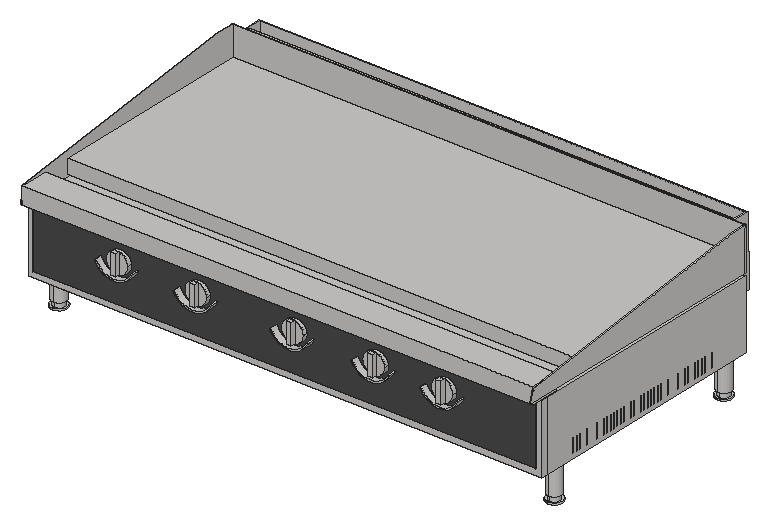
Revit family "QF_Vollrath_960GGM", category Specialty Equipment, Revit 2016 (continued)
Automatic sketch dimensions
  Sweep 98 sketch curve to Sweep 98 sketch curve = 2.25"  (x2)
  profile plane to Sweep 98 sketch curve = 0.00"
  Sweep 98 sketch curve to profile plane = 0.00"
  Sweep 98 sketch curve to Sweep 98 sketch curve = 0.14592"
  Sweep 98 sketch curve to Sweep 98 sketch curve = 0.83484"
  Extrusion 99 sketch curve to Extrusion 99 sketch curve = 1.25"
  Extrusion 100 sketch curve to Extrusion 100 sketch curve = 0.55267"
  profile plane to Sweep 101 sketch curve = 0.00"
  Sweep 101 sketch curve to profile plane = 0.00"
  Sweep 101 sketch curve to Sweep 101 sketch curve = 0.14592"
  Sweep 101 sketch curve to Sweep 101 sketch curve = 0.83484"
  Extrusion 102 sketch curve to Extrusion 102 sketch curve = 1.25"
  Extrusion 103 sketch curve to Extrusion 103 sketch curve = 0.55267"
  Sweep 104 sketch curve to Sweep 104 sketch curve = 2.25"  (x2)
  profile plane to Sweep 104 sketch curve = 0.00"
  Sweep 104 sketch curve to profile plane = 0.00"
  Sweep 104 sketch curve to Sweep 104 sketch curve = 0.14592"
  Sweep 104 sketch curve to Sweep 104 sketch curve = 0.83484"
  Extrusion 94 sketch curve to Extrusion 94 sketch curve = 2.42552"
  Extrusion 96 sketch curve to Extrusion 96 sketch curve = 2.42552"
  Sweep 97 sketch curve to Sweep 97 sketch curve = 2.25"  (x2)
  Sweep 97 sketch curve to Sweep 97 sketch curve = 1.04671"
  Sweep 98 sketch curve to Sweep 98 sketch curve = 1.04671"
  Extrusion 100 sketch curve to Extrusion 100 sketch curve = 2.42552"
  Sweep 101 sketch curve to Sweep 101 sketch curve = 2.25"  (x2)
  Sweep 101 sketch curve to Sweep 101 sketch curve = 1.04671"
  Extrusion 103 sketch curve to Extrusion 103 sketch curve = 2.42552"
  Sweep 104 sketch curve to Sweep 104 sketch curve = 1.04671"
  Extrusion 27 sketch curve to Extrusion 27 sketch curve = 0.00"  (x2)
  Extrusion 29 sketch curve to Extrusion 29 sketch curve = 0.00"  (x2)
  Extrusion 78 sketch curve to Extrusion 78 sketch curve = 0.00"  (x2)
  Extrusion 90 sketch curve to Extrusion 90 sketch curve = 0.00"  (x2)
  Extrusion 93 sketch curve to Extrusion 93 sketch curve = 0.00"  (x2)
  Extrusion 95 sketch curve to Extrusion 95 sketch curve = 0.00"  (x2)
  Extrusion 99 sketch curve to Extrusion 99 sketch curve = 0.00"  (x2)
  Extrusion 102 sketch curve to Extrusion 102 sketch curve = 0.00"  (x2)
  Extrusion 24 sketch curve to Extrusion 24 sketch curve = 1.25"  (x5)
  Extrusion 24 sketch curve to Extrusion 24 sketch curve = 5.49334"
  Extrusion 105 sketch curve to Extrusion 105 sketch curve = 0.00"  (x2)
  Extrusion 105 sketch curve to Extrusion 105 sketch curve = 1.25"
  Extrusion 106 sketch curve to Extrusion 106 sketch curve = 0.55267"
  Extrusion 106 sketch curve to Extrusion 106 sketch curve = 2.42552"
  Sweep 107 sketch curve to Sweep 107 sketch curve = 2.25"  (x2)
  Sweep 107 sketch curve to Sweep 107 sketch curve = 1.04671"
  profile plane to Sweep 107 sketch curve = 0.00"
  Sweep 107 sketch curve to profile plane = 0.00"
  Sweep 107 sketch curve to profile plane = 0.14592"
  Sweep 107 sketch curve to Sweep 107 sketch curve = 0.83484"
  Extrusion 21 sketch curve to Extrusion 21 sketch curve = 0.50247"
  Extrusion 21 sketch curve to Extrusion 21 sketch curve = 58.75"
  Extrusion 21 sketch curve to Extrusion 21 sketch curve = 0.74753"
  Extrusion 21 sketch curve to Extrusion 21 sketch curve = 0.59949"
  Extrusion 21 sketch curve to Extrusion 21 sketch curve = 6.90051"
  Extrusion 21 sketch curve to Extrusion 21 sketch curve = 0.56"
  Extrusion 24 sketch curve to Extrusion 24 sketch curve = 8.92327"
  Extrusion 24 sketch curve to Extrusion 24 sketch curve = 6.75"
  Extrusion 24 sketch curve to Extrusion 24 sketch curve = 8.75666"
  Extrusion 24 sketch curve to Extrusion 24 sketch curve = 7.00"
  Extrusion 24 sketch curve to Extrusion 24 sketch curve = 9.32673"
  Extrusion 24 sketch curve to Extrusion 24 sketch curve = 4.76279"  (x2)
  Extrusion 24 sketch curve to Extrusion 24 sketch curve = 0.00"  (x13)
  Extrusion 24 sketch curve to Extrusion 24 sketch curve = 6.90051"
  plane 14 to Extrusion 1 sketch curve = 1.00"
  Extrusion 1 sketch curve to plane 13 = 3.875"
  plane 14 to Extrusion 2 sketch curve = 1.00"
  Extrusion 2 sketch curve to plane 13 = 3.875"
  plane 14 to Extrusion 3 sketch curve = 1.00"
  Extrusion 3 sketch curve to plane 13 = 3.875"
  Extrusion 10 sketch curve to plane 24 = 0.87"
  plane 14 to Extrusion 10 sketch curve = 1.00"
  Extrusion 11 sketch curve to plane 24 = 0.87"
  plane 14 to Extrusion 11 sketch curve = 1.00"
  Extrusion 12 sketch curve to plane 24 = 0.87"
  plane 14 to Extrusion 12 sketch curve = 1.00"
  Extrusion 14 sketch curve to plane 10 = 0.00"
  Extrusion 14 sketch curve to plane 6 "Top of Legs" = 0.00"
  plane 14 to Extrusion 14 sketch curve = 2.875"
  Extrusion 14 sketch curve to plane 31 = 0.90959"
  Extrusion 15 sketch curve to plane 3 "LEFT CLEARANCE" = 0.00"
  plane 23 "FRONT" to Extrusion 15 sketch curve = 0.00"
  Extrusion 15 sketch curve to plane 5 "BACK CLEARANCE" = 0.00"
  Extrusion 15 sketch curve to plane 7 "LEFT" = 0.00"
  Extrusion 25 sketch curve to plane 34 = 0.11197"  (x43)
  plane 25 to Extrusion 25 sketch curve = 1.02258"
  Extrusion 25 sketch curve to Extrusion 25 sketch curve = 0.25"  (x77)
  plane 25 to Extrusion 25 sketch curve = 0.02258"
  Extrusion 25 sketch curve to plane 25 = 0.22742"
  Extrusion 25 sketch curve to Extrusion 25 sketch curve = 0.20905"  (x6)
  plane 12 to Extrusion 25 sketch curve = 0.74738"
  Extrusion 25 sketch curve to Extrusion 25 sketch curve = 0.00"  (x42)
  Extrusion 26 sketch curve to plane 34 = 0.11197"  (x43)
  plane 25 to Extrusion 26 sketch curve = 1.02258"
  Extrusion 26 sketch curve to Extrusion 26 sketch curve = 0.25"  (x76)
  plane 25 to Extrusion 26 sketch curve = 0.02258"
  Extrusion 26 sketch curve to plane 25 = 0.22742"
  Extrusion 26 sketch curve to Extrusion 26 sketch curve = 0.20905"  (x7)
  plane 12 to Extrusion 26 sketch curve = 0.74738"
  Extrusion 26 sketch curve to Extrusion 26 sketch curve = 0.00"  (x42)
  plane 24 to Extrusion 77 sketch curve = 1.44225"
  Extrusion 77 sketch curve to plane 25 = 4.18647"
  plane 27 to Extrusion 4 sketch curve = 0.25247"
  Extrusion 4 sketch curve to plane 13 = 3.875"
  plane 27 to Extrusion 5 sketch curve = 0.25247"
  Extrusion 5 sketch curve to plane 13 = 3.875"
  plane 27 to Extrusion 6 sketch curve = 0.25247"
  Extrusion 6 sketch curve to plane 13 = 3.875"
  plane 27 to Extrusion 7 sketch curve = 0.25247"
  Extrusion 7 sketch curve to plane 24 = 0.87"
  plane 27 to Extrusion 8 sketch curve = 0.25247"
  Extrusion 8 sketch curve to plane 24 = 0.87"
  plane 27 to Extrusion 9 sketch curve = 0.25247"
  Extrusion 9 sketch curve to plane 24 = 0.87"
  curve 12 to plane 17 = 0.00"
  plane 17 to curve 20 = 0.00"
  curve 10 to plane 8 "RIGHT" = 0.00"
  plane 23 "FRONT" to curve 10 = 0.00"
  curve 5 to plane 4 "RIGHT CLEARANCE" = 0.00"
  curve 1 to plane 3 "LEFT CLEARANCE" = 0.00"
  curve 9 to plane 7 "LEFT" = 0.00"
  plane 24 to curve 9 = 0.00"
  plane 25 to curve 14 = 0.00"
  curve 6 to plane 8 "RIGHT" = 0.00"
  plane 9 "BACK" to curve 15 = 0.00"
  plane 5 "BACK CLEARANCE" to curve 4 = 0.00"
  curve 3 to plane 8 "RIGHT" = 0.00"
  curve 2 to plane 7 "LEFT" = 0.00"
  curve 10 to plane 7 "LEFT" = 0.00"
  plane 24 to curve 5 = 1.38"
  plane 24 to curve 1 = 1.38"
  curve 6 to plane 13 = 1.875"
  plane 29 to curve 20 = 1.55725"
  curve 19 to curve 19 = 8.20"
  curve 11 to plane 31 = 0.90"
  plane 14 to curve 17 = 1.375"
  Extrusion 13 sketch curve to plane 7 "LEFT" = 0.00"
  Extrusion 13 sketch curve to plane 8 "RIGHT" = 0.00"
  plane 24 to Extrusion 13 sketch curve = 1.42599"
  Extrusion 13 sketch curve to plane 13 = 1.875"
  Extrusion 16 sketch curve to plane 8 "RIGHT" = 0.00"
  plane 23 "FRONT" to Extrusion 16 sketch curve = 0.00"
  plane 5 "BACK CLEARANCE" to Extrusion 16 sketch curve = 0.00"
  Extrusion 16 sketch curve to plane 4 "RIGHT CLEARANCE" = 0.00"
  Extrusion 17 sketch curve to plane 7 "LEFT" = 0.00"
  Extrusion 17 sketch curve to plane 9 "BACK" = 0.00"
  Extrusion 17 sketch curve to plane 5 "BACK CLEARANCE" = 0.00"
  Extrusion 17 sketch curve to plane 8 "RIGHT" = 0.00"
  plane 29 to Extrusion 18 sketch curve = 22.15725"
  Extrusion 19 sketch curve to plane 15 "Grease Trap" = 0.31973"
  Extrusion 19 sketch curve to plane 16 "TOP" = 0.00"
  plane 23 "FRONT" to Extrusion 19 sketch curve = 0.00644"
  Extrusion 19 sketch curve to plane 22 = 0.08098"
  Extrusion 19 sketch curve to plane 23 "FRONT" = 0.38929"
  Extrusion 19 sketch curve to plane 13 = 3.89513"
  Extrusion 19 sketch curve to plane 13 = 1.875"
  Extrusion 20 sketch curve to plane 15 "Grease Trap" = 0.31973"
  Extrusion 20 sketch curve to plane 23 "FRONT" = 0.00"
  Extrusion 20 sketch curve to plane 22 = 0.00"
  Extrusion 20 sketch curve to plane 24 = 0.00"
  Extrusion 22 sketch curve to plane 15 "Grease Trap" = 0.00"
  Extrusion 22 sketch curve to plane 16 "TOP" = 0.00"
  plane 23 "FRONT" to Extrusion 22 sketch curve = 0.41648"
  plane 23 "FRONT" to Extrusion 22 sketch curve = 0.04007"
  Extrusion 22 sketch curve to plane 13 = 3.72856"
  Extrusion 22 sketch curve to plane 13 = 1.875"
  Extrusion 22 sketch curve to plane 22 = 0.15633"
  Extrusion 23 sketch curve to plane 15 "Grease Trap" = 0.00"
  Extrusion 23 sketch curve to plane 16 "TOP" = 0.00"
  Extrusion 23 sketch curve to plane 13 = 2.00"
  Extrusion 23 sketch curve to Extrusion 23 sketch curve = 0.125"
  Extrusion 68 sketch curve to plane 29 = 0.00"
  plane 13 to Extrusion 68 sketch curve = 0.00"
  Extrusion 68 sketch curve to plane 9 "BACK" = 0.00"
  Extrusion 68 sketch curve to Extrusion 68 sketch curve = 1.73189"
  Extrusion 68 sketch curve to Extrusion 68 sketch curve = 0.14311"
  plane 29 to Extrusion 68 sketch curve = 0.15725"
  plane 14 to Extrusion 68 sketch curve = 1.49734"
  Extrusion 68 sketch curve to Extrusion 68 sketch curve = 0.12234"
  Extrusion 69 sketch curve to plane 29 = 0.00"
  Extrusion 69 sketch curve to plane 9 "BACK" = 0.00"
  Extrusion 69 sketch curve to plane 13 = 1.875"
  plane 14 to Extrusion 69 sketch curve = 1.375"
  Extrusion 70 sketch curve to plane 25 = 0.00"
  Extrusion 70 sketch curve to plane 13 = 2.00"
  Extrusion 113 sketch curve to plane 10 = 0.00"
  Extrusion 113 sketch curve to plane 6 "Top of Legs" = 0.00"
  plane 29 to Extrusion 113 sketch curve = 9.65725"
  plane 29 to Extrusion 113 sketch curve = 1.56684"
  Extrusion 114 sketch curve to plane 11 = 0.00"
  plane 24 to Extrusion 114 sketch curve = 1.44225"
  Extrusion 114 sketch curve to plane 25 = 4.18647"
  plane 25 to curve 28 = 0.00"
  plane 25 to curve 21 = 0.00"
  plane 25 to curve 22 = 0.00"
  plane 25 to curve 23 = 0.00"
  plane 25 to curve 24 = 0.00"
  plane 25 to curve 27 = 0.00"
  plane 24 to curve 23 = 0.00"
  plane 24 to curve 26 = 0.00"
  plane 24 to curve 27 = 0.00"
  plane 24 to curve 24 = 0.00"
  plane 24 to curve 25 = 0.00"
  plane 24 to curve 28 = 0.00"
  plane 14 to curve 21 = 2.875"
  curve 26 to plane 31 = 4.90959"
  plane 29 to curve 27 = 5.65725"
  curve 23 to curve 27 = 0.00"
  plane 29 to curve 24 = 1.53225"
  curve 28 to curve 24 = 0.00"
  radius of Extrusion 31 sketch curve = 0.25"
  radius of Extrusion 32 sketch curve = 0.25"
  radius of Extrusion 33 sketch curve = 0.25"
  radius of Extrusion 34 sketch curve = 0.25"
  radius of Extrusion 35 sketch curve = 0.25"
  radius of Extrusion 36 sketch curve = 0.25"
  radius of Extrusion 37 sketch curve = 0.25"
  radius of Extrusion 38 sketch curve = 0.25"
  radius of Extrusion 39 sketch curve = 0.25"
  radius of Extrusion 40 sketch curve = 0.25"
  radius of Extrusion 41 sketch curve = 0.25"
  radius of Extrusion 42 sketch curve = 0.25"
  radius of Extrusion 43 sketch curve = 0.25"
  radius of Extrusion 44 sketch curve = 0.25"
  radius of Extrusion 45 sketch curve = 0.25"
  radius of Extrusion 46 sketch curve = 0.25"
  radius of Extrusion 47 sketch curve = 0.25"
  radius of Extrusion 48 sketch curve = 0.25"
  radius of Extrusion 49 sketch curve = 0.25"
  radius of Extrusion 50 sketch curve = 0.25"
  radius of Extrusion 51 sketch curve = 0.25"
  radius of Extrusion 52 sketch curve = 0.25"
  radius of Extrusion 53 sketch curve = 0.25"
  radius of Extrusion 54 sketch curve = 0.25"
  radius of Extrusion 55 sketch curve = 0.25"
  radius of Extrusion 56 sketch curve = 0.25"
  radius of Extrusion 57 sketch curve = 0.25"
  radius of Extrusion 58 sketch curve = 0.25"
  radius of Extrusion 59 sketch curve = 0.25"
  radius of Extrusion 60 sketch curve = 0.25"
  radius of Extrusion 61 sketch curve = 0.25"
  radius of Extrusion 62 sketch curve = 0.25"
  radius of Extrusion 63 sketch curve = 0.25"
  radius of Extrusion 64 sketch curve = 0.25"
  radius of Extrusion 65 sketch curve = 0.25"
  radius of Extrusion 1 sketch curve = 0.9375"
  radius of Extrusion 2 sketch curve = 0.625"
  radius of Extrusion 3 sketch curve = 0.8125"
  radius of Extrusion 10 sketch curve = 0.9375"
  radius of Extrusion 11 sketch curve = 0.625"
  radius of Extrusion 12 sketch curve = 0.8125"
  radius of Extrusion 4 sketch curve = 0.9375"
  radius of Extrusion 5 sketch curve = 0.625"
  radius of Extrusion 6 sketch curve = 0.8125"
  radius of Extrusion 7 sketch curve = 0.9375"
  radius of Extrusion 8 sketch curve = 0.625"
  radius of Extrusion 9 sketch curve = 0.8125"
  radius of Extrusion 18 sketch curve = 0.375"
Connectors (in)
  piping at (11.77924, -0.5, 41.5), diameter 0.75
    settings: on Extrusion 18, index 1, connector inside diameter 3/4", connector length 0.00", flow factor 0, pipe flow 0 GPM, pressure drop 0.00 psi, fitting loss kfactor 0, connector angle 0.00°, fixture units 0, engagement length 0.00", angle of deflection 0.00°, flow configuration 1, flow direction 1, fitting loss method 0, system type 22, joint type 0, gender type 0, connector reference index -1, connector utility 0, adjustable connector no, is connector primary yes, connector description "Gas Connection"
